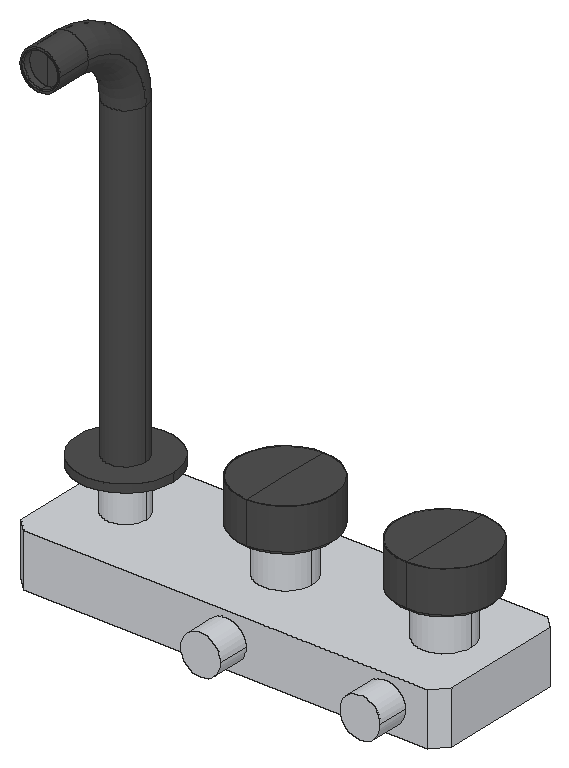
Revit family "Reece_Tap_Milli_Pure_Bath Tap Hostess System_250 mm", category Plumbing Fixtures, host Face, Revit 2018
Family settings
  Host = Face
  Round Connector Dimension = Use Diameter
  Part Type = Normal
  Cut with Voids When Loaded = No
  Shared = Yes
  Room Calculation Point = Yes
Parameters (values of type "Matte Black")
  WFU = 0  # constant formula
  URL = "https://www.reece.com.au/product/-2281223"
  Type Comments = "Tap"
  Reece_Tap_Reach = 250 mm  # constant formula
  Reece_Tap_Inlet = 15 mm  # constant formula
  Reece_Product_Web Page = "https://www.reece.com.au/product/-2281223"
  Reece_Product_Type = "Tap"  # constant formula
  Reece_Product_Sub Brand = "Pure"  # constant formula
  Reece_Product_Number = "2281223"
  Reece_Product_Mount = "Wall Mounted"
  Reece_Product_Description = "Milli Pure Wall Bath Hostess System 250mm Right Hand Matte Black"
  Reece_Product_Brand = "Milli"  # constant formula
  Reece_Overall_Length = 262.5 mm  # constant formula
  Reece_Material_Main = Reece_Brass_Matte Black
  Reece_Detail_Tap_Handle Texture = ""
  Reece_Detail_Installation = ""
  Reece_Detail_Disclaimer = "THIS FILE IS THE PROPERTY OF THE REECE GROUP. IT MAY NOT BE REPRODUCED, REVERSE-ENGINEERED OR MODIFIED. ANY REPUBLICATION, TRANSMISSION OR DISTRIBUTION FOR THE PURPOSE OF COMMERCIALLY EXPLOITING THE FILES IS PROHIBITED."  # constant formula
  Reece_Detail_Connector = ""
  Reece_Detail_Additional = "Bath Tap Hostess System\r\n"  # constant formula
  Model = "Pure"
  Manufacturer = "Milli"
  Keynote = "Product #2281223, Reece_Tap_Milli_Pure_Bath Tap Hostess System_250 mm - Matte Black"
  HWFU = 0  # constant formula
  Disclaimer = "THIS FILE IS THE PROPERTY OF THE REECE GROUP. IT MAY NOT BE REPRODUCED, REVERSE-ENGINEERED OR MODIFIED. ANY REPUBLICATION, TRANSMISSION OR DISTRIBUTION FOR THE PURPOSE OF COMMERCIALLY EXPLOITING THE FILES IS PROHIBITED."  # constant formula
  Description = "Milli Pure Wall Bath Hostess System 250mm Matte Black"
  Default Elevation = 1000 mm
  CWFU = 0  # constant formula
Types (6, lengths in mm): name | URL | Reece_Product_Web Page | Reece_Product_Number | Reece_Product_Description | Reece_Material_Main | Keynote | Description
  Brushed Gunmetal | "https://www.reece.com.au/product/-2281301" | "https://www.reece.com.au/product/-2281301" | "2281301" | "Milli Pure Wall Bath Hostess System 250mm Right Hand Brushed Gunmetal" | Reece_Brass_Brushed Gunmetal | "Product #2281301, Reece_Tap_Milli_Pure_Bath Tap Hostess System_250 mm - Brushed Gunmetal" | "Milli Pure Wall Bath Hostess System 250mm Brushed Gunmetal"
  Chrome | "https://www.reece.com.au/product/-2263280" | "https://www.reece.com.au/product/-2263280" | "2263280" | "Milli Pure Wall Bath Hostess System 250mm Right Hand Chrome" | Reece_Brass_Chrome | "Product #2263280, Reece_Tap_Milli_Pure_Bath Tap Hostess System_250 mm - Chrome" | "Milli Pure Wall Bath Hostess System 250mm Chrome"
  Matte Black | "https://www.reece.com.au/product/-2281223" | "https://www.reece.com.au/product/-2281223" | "2281223" | "Milli Pure Wall Bath Hostess System 250mm Right Hand Matte Black" | Reece_Brass_Matte Black | "Product #2281223, Reece_Tap_Milli_Pure_Bath Tap Hostess System_250 mm - Matte Black" | "Milli Pure Wall Bath Hostess System 250mm Matte Black"
  Brushed Nickel | "https://www.reece.com.au/product/-2299270" | "https://www.reece.com.au/product/-2299270" | "2299270" | "Milli Pure Wall Bath Hostess System 250mm Right Hand Brushed Nickel" | Reece_Brass_Brushed Gunmetal | "Product #2299270, Reece_Tap_Milli_Pure_Bath Tap Hostess System_250 mm - Brushed Nickel" | "Milli Pure Wall Bath Hostess System 250mm Brushed Nickel"
  PVD Brushed Bronze | "https://www.reece.com.au/product/-9511086" | "https://www.reece.com.au/product/-9511086" | "9511086" | "Milli Pure Wall Bath Hostess System 250mm PVD Brushed Bronze" | Reece_PVD_Brushed Bronze | "Product #9511086, Reece_Tap_Milli_Pure_Bath Tap Hostess System_250 mm - PVD Brushed Bronze" | "Milli Pure Wall Bath Hostess System 250mm PVD Brushed Bronze"
  PVD Brushed Gold | "https://www.reece.com.au/product/-9510901" | "https://www.reece.com.au/product/-9510901" | "9510901" | "Milli Pure Wall Bath Hostess System 250mm PVD Brushed Gold" | Reece_PVD_Brushed Gold | "Product #9510901, Reece_Tap_Milli_Pure_Bath Tap Hostess System_250 mm - PVD Brushed Gold" | "Milli Pure Wall Bath Hostess System 250mm PVD Brushed Gold"
Reference planes
  plane 1 "Center (Front/Back)": y = 0
  plane 2 "Bottom": z = 0
  plane 3 "Center (Left/Right)": x = 0
  plane 4 "Top": z = 262.5
  plane 5: z = 250
  plane 6: y = -67
  plane 7: x = -100
  plane 8: x = 100
Forms (mm)
  Extrusion 1, solid, material "Reece_Brass_Matte Black" <- "Reece_Material_Main"
    sketch origin (-50, 0, 0) x (1, 0, 0) y (0, 1, 0)
      loop
        circle (-50, 0) r 30
    from 0 to 5
  Sweep 2, solid, material "Reece_Brass_Matte Black" <- "Reece_Material_Main"
    path origin (0, 0, 0) x (0, 1, 0) y (0, 0, 1)
      loop
        line (-67, 250) -> (-45, 250)
        arc (-45, 250) -> (-13.18, 236.82) -> (0, 205) r 45
        line (0, 205) -> (0, 0)
    profile origin (0, 0, 102.5) x (1, 0, 0) y (0, 1, 0)
      loop
        circle (-100, 0) r 12.5
      loop
        circle (-100, 0) r 11.5
  Revolve 3, solid, material "Reece_Brass_Matte Black"
    sketch origin (-100, -183.21, 118.488) x (0, 0.572951, -0.81959) y (0, 0.81959, 0.572951)
      loop
        line (-38.39, 174.619) -> (-37.119, 176.437) -> (-46.38, 182.911) -> (-50.465, 177.068) -> (-49.461, 177.508) -> (-47.184, 180.766) -> (-38.39, 174.619)
      axis (-37.119, 176.437) -> (-41.203, 170.594)
    angle from 0 to 360
  Extrusion 4, solid
    sketch origin (-50, 0, 0) x (1, 0, 0) y (0, 1, 0)
      loop
        circle (50, 0) r 17
    from 0 to -27
  Extrusion 5, solid
    sketch origin (0, 0, 0) x (1, 0, 0) y (0, 1, 0)
      loop
        line (-126.853, 46.5) -> (-135, 38.353) -> (-135, -38.353) -> (-126.853, -46.5) -> (126.853, -46.5) -> (135, -38.353) -> (135, 38.353) -> (126.853, 46.5) -> (-126.853, 46.5)
    from -60 to -27
  Extrusion 6, solid
    sketch origin (-150, 0, 0) x (1, 0, 0) y (0, 1, 0)
      loop
        circle (50, 0) r 13
    from 0 to -27
  Extrusion 7, solid
    sketch origin (50, 0, -3.5) x (-1, 0, 0) y (0, 0, 1)
      loop
        circle (50, -40) r 12.5
    from -66.119 to -46.5
  Extrusion 8, solid
    sketch origin (150, 0, -3.5) x (-1, 0, 0) y (0, 0, 1)
      loop
        circle (50, -40) r 12.5
    from -66.119 to -46.5
  Extrusion 9, void
    sketch origin (-150, 0, 0) x (1, 0, 0) y (0, 1, 0)
      loop
        circle (50, 0) r 17
    from 0 to -27
  Extrusion 10, void
    sketch origin (50, 0, 0) x (-1, 0, 0) y (0, -1, 0)
      loop
        circle (50, 0) r 20
    from 0 to -27
  Extrusion 11, void
    sketch origin (150, 0, 0) x (-1, 0, 0) y (0, -1, 0)
      loop
        circle (50, 0) r 20
    from 0 to -27
  Extrusion 12, solid
    sketch origin (50, 0, 0) x (1, 0, 0) y (0, 1, 0)
      loop
        circle (50, 0) r 17
    from 0 to -27
Cuts and joins
  Extrusion 10 cuts Extrusion 1
  Extrusion 10 cuts Sweep 2
  joined: Extrusion 1, Sweep 2
  Extrusion 11 cuts Extrusion 4
  Extrusion 11 cuts Extrusion 5
  Extrusion 10, Extrusion 11 cuts Extrusion 6
  Extrusion 10, Extrusion 11 cuts Extrusion 7
  Extrusion 10, Extrusion 11 cuts Extrusion 8
  joined: Extrusion 4, Extrusion 5, Extrusion 6, Extrusion 7, Extrusion 8, Extrusion 12
Text (mm)
  text "Reece Copyright © 2018, Reece Ltd." at (-1153.977, -260.534, 0), in view "Ref. Level"
  text "Reece ©" at (17.365, 177.113, 137.527), in view "Reece Preview"
Dimensions and locks
  "Reece_Tap_Reach": plane 5 to plane 2 "Bottom"
  plane 1 "Center (Front/Back)" to plane 6 = 67 mm
  locked: plane 4 "Top" to plane 5 at 12.5
  "Reece_Overall_Length": plane 4 "Top" to plane 2 "Bottom"
  plane 7 to plane 3 "Center (Left/Right)" to plane 8 = 100 mm, 100 mm
  aligned and locked: plane 2 "Bottom" to host face
  aligned and locked: level to host face
  aligned and locked: host face to Extrusion 9
Automatic sketch dimensions
  host sketch curve to host sketch curve = 380.785 mm
  host sketch curve to host sketch curve = 317.421 mm
  plane 1 "Center (Front/Back)" to Extrusion 1 sketch curve = 0 mm
  Extrusion 1 sketch curve to plane 7 = 0 mm
  Sweep 2 sketch curve to plane 5 = 0 mm
  Sweep 2 sketch curve to plane 6 = 0 mm
  level to Sweep 2 sketch curve = 0 mm
  Sweep 2 sketch curve to plane 1 "Center (Front/Back)" = 0 mm
  Sweep 2 sketch curve to plane 6 = 22 mm
  Sweep 2 sketch curve to Sweep 2 sketch curve = 0 mm  (x2)
  profile plane to Sweep 2 sketch curve = 0 mm
  Sweep 2 sketch curve to plane 3 "Center (Left/Right)" = 100 mm
  Revolve 3 sketch curve to plane 5 = 0 mm  (x4)
  Revolve 3 sketch curve to plane 6 = 0 mm
  Revolve 3 sketch curve to plane 4 "Top" = 1.2 mm
  Revolve 3 sketch curve to Revolve 3 sketch curve = 1.003 mm
  Revolve 3 sketch curve to Revolve 3 sketch curve = 2.278 mm
  Revolve 3 sketch curve to Revolve 3 sketch curve = 0.803 mm
  Revolve 3 sketch curve to Revolve 3 sketch curve = 1.271 mm
  Revolve 3 sketch curve to Revolve 3 sketch curve = 17.422 mm
  Revolve 3 sketch curve to Revolve 3 sketch curve = 3.892 mm
  Extrusion 4 sketch curve to Extrusion 4 sketch curve = 0 mm  (x2)
  plane 1 "Center (Front/Back)" to Extrusion 4 sketch curve = 0 mm
  Extrusion 4 sketch curve to plane 3 "Center (Left/Right)" = 0 mm
  Extrusion 4 sketch curve to Extrusion 4 sketch curve = 17 mm
  Extrusion 5 sketch curve to plane 7 = 35 mm
  Extrusion 5 sketch curve to Extrusion 5 sketch curve = 8.147 mm  (x6)
  Extrusion 5 sketch curve to plane 8 = 26.853 mm  (x2)
  Extrusion 5 sketch curve to plane 6 = 20.5 mm
  Extrusion 5 sketch curve to plane 1 "Center (Front/Back)" = 38.353 mm  (x2)
  Extrusion 6 sketch curve to Extrusion 6 sketch curve = 0 mm  (x2)
  plane 1 "Center (Front/Back)" to Extrusion 6 sketch curve = 0 mm
  Extrusion 6 sketch curve to plane 7 = 0 mm
  Extrusion 6 sketch curve to plane 7 = 13 mm
  Extrusion 7 sketch curve to plane 3 "Center (Left/Right)" = 0 mm
  Extrusion 7 sketch curve to level = 43.5 mm
  plane 8 to Extrusion 8 sketch curve = 0 mm
  Extrusion 8 sketch curve to level = 43.5 mm
  Extrusion 9 sketch curve to Extrusion 9 sketch curve = 0 mm  (x2)
  plane 1 "Center (Front/Back)" to Extrusion 9 sketch curve = 0 mm
  Extrusion 9 sketch curve to plane 7 = 0 mm
  Extrusion 9 sketch curve to plane 7 = 17 mm
  Extrusion 10 sketch curve to Extrusion 10 sketch curve = 0 mm  (x2)
  plane 1 "Center (Front/Back)" to Extrusion 10 sketch curve = 0 mm
  Extrusion 10 sketch curve to plane 3 "Center (Left/Right)" = 0 mm
  Extrusion 10 sketch curve to plane 3 "Center (Left/Right)" = 20 mm
  Extrusion 11 sketch curve to Extrusion 11 sketch curve = 0 mm  (x2)
  plane 1 "Center (Front/Back)" to Extrusion 11 sketch curve = 0 mm
  Extrusion 11 sketch curve to plane 8 = 0 mm
  plane 8 to Extrusion 11 sketch curve = 20 mm
  Extrusion 12 sketch curve to Extrusion 12 sketch curve = 0 mm  (x2)
  plane 1 "Center (Front/Back)" to Extrusion 12 sketch curve = 0 mm
  Extrusion 12 sketch curve to plane 8 = 0 mm
  Extrusion 12 sketch curve to Extrusion 12 sketch curve = 17 mm
  radius of Extrusion 1 sketch curve = 30 mm
  radius of Sweep 2 sketch curve = 12.5 mm
  radius of Sweep 2 sketch curve = 11.5 mm
  radius of Extrusion 7 sketch curve = 12.5 mm
  radius of Extrusion 8 sketch curve = 12.5 mm
Nested families
  nested 1: "Reece_Tap_Milli_Pure_Cap_Main_2D" at (0, 0, 0), Reece_Material_Main <- "Reece_Material_Main", Reece_Material_Secondary <- "Reece_Material_Main", type "60mm x 28mm"
    with Reece_Material_Secondary Reece_Brass_Matte Black, Reece_Material_Main Reece_Brass_Matte Black
  nested 2: "Reece_Tap_Milli_Pure_Cap_Main_2D" at (100, 0, 0), Reece_Material_Main <- "Reece_Material_Main", Reece_Material_Secondary <- "Reece_Material_Main", type "60mm x 28mm"
    with Reece_Material_Secondary Reece_Brass_Matte Black, Reece_Material_Main Reece_Brass_Matte Black
Connectors
  piping at (0, -66.119, -43.5), diameter 15, driven by "Reece_Tap_Inlet"
    settings: on cut or joined group 1 (Extrusion 4, Extrusion 5, Extrusion 6, Extrusion 7, Extrusion 8, Extrusion 10, Extrusion 11, Extrusion 12), index 1, connector inside diameter 609.6 mm, connector length 0 mm, flow factor 0, pipe flow 0.0 L/s, pressure drop 0.0 Pa, fitting loss kfactor 0, connector angle 0.00°, fixture units 0, engagement length 0 mm, angle of deflection 0.00°, flow configuration 0, flow direction 1, fitting loss method 0, system type 29, joint type 0, gender type 0, connector reference index -1, connector utility 0, adjustable connector no, is connector primary yes, connector description ""
  piping at (100, -66.119, -43.5), diameter 15, driven by "Reece_Tap_Inlet"
    settings: on cut or joined group 1, index 2, connector inside diameter 609.6 mm, connector length 0 mm, flow factor 0, pipe flow 0.0 L/s, pressure drop 0.0 Pa, fitting loss kfactor 0, connector angle 0.00°, fixture units 0, engagement length 0 mm, angle of deflection 0.00°, flow configuration 0, flow direction 1, fitting loss method 0, system type 29, joint type 0, gender type 0, connector reference index -1, connector utility 0, adjustable connector no, is connector primary no, connector description ""
Definition of nested family "Reece_Tap_Milli_Pure_Cap_Main_2D"
  Parameters (values of type "62mm x 30mm")
    WFU = 0  # constant formula
    Reece_Overall_Width = 62 mm
    Reece_Overall_Height = 30 mm
    Reece_Material_Secondary [instance] = none
    Reece_Material_Main [instance] = none
    Reece_Detail_Installation = ""
    Reece_Detail_Connector = ""
    Reece_Detail_Additional = ""
    HWFU = 0  # constant formula
    Default Elevation = 1000 mm
    CWFU = 0  # constant formula
  Types (4, lengths in mm): name | Reece_Overall_Width | Reece_Overall_Height
    62mm x 30mm | 62 | 30
    60mm x 28mm | 60 | 28
    54mm x 30mm | 54 | 30
    60mm x 26mm | 60 | 26
  Reference planes
    plane 1 "Center (Front/Back)": y = 0
    plane 2 "Bottom": z = 0
    plane 3 "Center (Left/Right)": x = 0
    plane 4: y = -31
    plane 5: y = 31
    plane 6: z = 30
    plane 7: y = -29
    plane 8: y = 29
    plane 9: z = 16
    plane 10: z = 2
  Forms (mm)
    Extrusion 1, solid
      sketch origin (619.2, -619.2, 0) x (1, 0, 0) y (0, 1, 0)
        loop
          line (-809.2, 779.2) -> (-809.2, 461.779) -> (-428.415, 461.779) -> (-428.415, 779.2) -> (-809.2, 779.2)
      from 0 to -9.564
    Revolve 2, solid, material <- "Reece_Material_Secondary"
      sketch origin (0, 50, 0) x (0, -1, 0) y (0, 0, 1)
        loop
          line (50, 0) -> (79, 0) -> (79, 2) -> (81, 2) -> (81, 30) -> (79, 28) -> (50, 28) -> (50, 0)
        axis (50, 0) -> (50, 30)
      angle from 0 to 360
    Revolve 3, solid, material <- "Reece_Material_Main"
      sketch origin (0, 50, 0) x (0, -1, 0) y (0, 0, 1)
        loop
          line (81, 30) -> (50, 30) -> (50, 28) -> (79, 28) -> (81, 30)
        axis (50, 28) -> (50, 30)
      angle from 0 to 360
  Text (mm)
    text "Reece Copyright © 2018, Reece Ltd." at (-1403.988, -1192.393, 0), in view "Ref. Level"
    text "Reece ©" at (44.384, 258.95, 192.345), in view "Reece Preview"
  Dimensions and locks
    equal spacing: plane 5, plane 1 "Center (Front/Back)", plane 4
    "Reece_Overall_Width": plane 5 to plane 4
    "Reece_Overall_Height": plane 6 to plane 2 "Bottom"
    locked: plane 7 to plane 4 at 2
    locked: plane 5 to plane 8 at 2
    equal spacing: plane 6, plane 9, plane 10
    locked: plane 10 to plane 2 "Bottom" at 2
    aligned and locked: plane 2 "Bottom" to Extrusion 1
    aligned and locked: level to Extrusion 1
    aligned and locked: plane 7 to Revolve 2 sketch curve
  Automatic sketch dimensions
    Extrusion 1 sketch curve to Extrusion 1 sketch curve = 380.785 mm
    Extrusion 1 sketch curve to Extrusion 1 sketch curve = 317.421 mm
    Revolve 2 sketch curve to plane 1 "Center (Front/Back)" = 0 mm  (x2)
    Revolve 2 sketch curve to level = 0 mm
    Revolve 2 sketch curve to plane 7 = 0 mm
    Revolve 2 sketch curve to plane 4 = 0 mm
    Revolve 2 sketch curve to plane 6 = 0 mm  (x2)
    level to Revolve 2 sketch curve = 2 mm
    Revolve 2 sketch curve to plane 6 = 2 mm
    Revolve 2 sketch curve to Revolve 2 sketch curve = 10 mm
    Revolve 3 sketch curve to plane 1 "Center (Front/Back)" = 0 mm  (x2)
    Revolve 3 sketch curve to plane 7 = 0 mm
    Revolve 3 sketch curve to plane 4 = 0 mm
    Revolve 3 sketch curve to plane 6 = 0 mm  (x2)
    Revolve 3 sketch curve to plane 6 = 2 mm
    Revolve 3 sketch curve to Revolve 3 sketch curve = 10 mm
